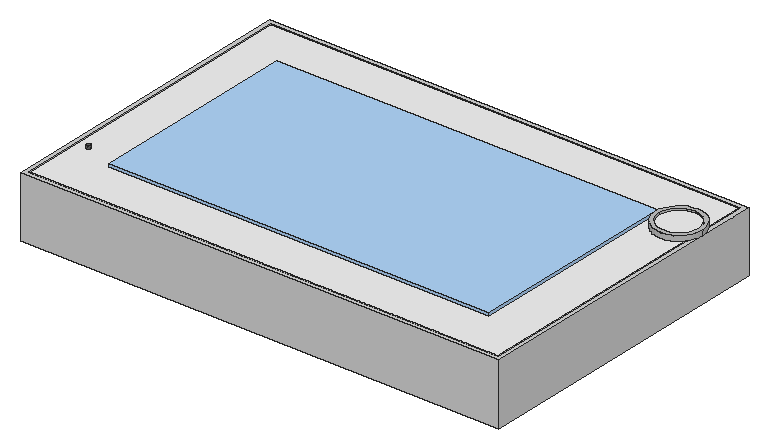
Revit family "AZ-07LLF", category Устройства связи, Revit 2020
Family settings
  Сохранять ориентацию аннотаций = Нет
  Размер круглого соединителя = Использовать диаметр
  Тип детали = Нормальный
  На основе рабочей плоскости = Да
  Всегда вертикально = Нет
  При загрузке вырезать с полостями = Нет
  Общий = Да
  Точка расчета площади = Нет
Parameters (values of type "AZ-07LLF")
  Цветовое решение = "черный/серый"
  Количество многоквартирных панелей = "до 9 панелей"
  Тип установки = "настенное крепление"
  Разрешение экрана = "800 х 480"
  Обновление ПО = "из веб-интерфейса; С сервера обновлений BAS-IP"
  Дополнительные разъемы = "слот для карты SD (SDHC)"
  Количество отдельных панелей = "до 9 панелей"
  Размеры = "195х127х27 мм"
  Тихий режим = "да, настраивается по времени"
  Питание = "PoE и +12 В постоянного тока (блок питания не входит в комплект)"
  Выберите тип скринсейвера в режиме ожидания = "просмотр одной IP-камеры в реальном времени"
  Потребляемая мощность = "6 Вт, в режиме ожидания 2,5 Вт"
  Default Elevation = 0 mm
  Описание = "7 дюймовый IP видеодомофон с настенным горизонтальным и вертикальным монтажом, возможностью управления лифтом, выводом сообщений от управляющей компании, PoE, подключением 8 камер, памятью для фото/видео и автоответчиком. ОС — Linux."
  Количество IP-камер = "до 8 камер"
  Корпус = "пластик"
  Варианты монтажа = "горизонтальный и вертикальный"
  Поддержка получения сообщений = "да"
  Встроенная камера = "нет"
  Интерфейс = "многоязычный графический и веб-интерфейс"
  Изображение типоразмера = <Нет>
  Изготовитель = "BAS-IP"
  Сетевое подключение = "провод Ethernet UTP"
  Экран = "7-дюймовый TFT LCD (емкостный сенсорный экран)"
  Группа модели = "Внутренний монитор индивидуальный"
  Подключение дополнительных мониторов = "до 8 мониторов"
  Функция памяти = "запись фото во внутреннюю память (64 фото)"
  URL = "https://www.bas-ip.ru"
  Тип домофона = "видеодомофон, без встроенной камеры"
  Не беспокоить = "да, настраивается по времени"
  Email разработчика семейства = "lytvynchukartur@gmail.com"
  BIM library = "https://bimlib.ru/manufacturer/"
  ADSK_Размер_Ширина = 195 mm
  ADSK_Размер_Толщина = 27 mm
  ADSK_Размер_Длина = 127 mm
  ADSK_Примечание = ""
  ADSK_Полная мощность = 2.5 VA  # constant formula
  ADSK_Позиция = ""
  ADSK_Обозначение = ""
  ADSK_Номинальная мощность = 2.5 W
  ADSK_Напряжение = 12 V
  ADSK_Наименование краткое = "AZ-07LLF"
  ADSK_Наименование = "Внутренний монитор индивидуальный AZ-07LLF"
  ADSK_Масса_Текст = ""
  ADSK_Марка = "AZ-07LLF"
  ADSK_Коэффициент мощности = 0.9
  ADSK_Количество фаз = 1
  ADSK_Код изделия = ""
  ADSK_Классификация нагрузок = Внутренний монитор индивидуальный
  ADSK_Зона = ""
  ADSK_Завод-изготовитель = "BAS-IP"
  ADSK_Единица измерения = "шт"
  ADSK_Версия Revit = "Revit 2020"  # constant formula
  ADSK_URL страницы изделия = "https://bas-ip.com/hardware/az-07ll/"
  ADSK_URL документации изделия = "https://drive.google.com/file/d/1EoMXGMEI3heXpYCroCYObuaJevvtuXnp/view"
Reference planes
  plane 1 "По центру (Вперед/Назад)": y = 0
  plane 2: z = 0
  plane 3 "По центру (Влево/Вправо)": x = 0
Forms (mm)
  Extrusion 1, solid, material "Материал белый", detail levels medium+fine
    sketch origin (294.897, 48.335, -2.742) x (1, 0, 0) y (0, 1, 0)
      loop
        line (-390.397, 13.165) -> (-390.397, -109.835) -> (-199.397, -109.835) -> (-199.397, 13.165) -> (-390.397, 13.165)
    from 2.742 to 27.742
  Extrusion 2, solid, material "Материал светло-голубой", detail levels medium+fine
    sketch origin (-20.406, -78.476, 25) x (1, 0, 0) y (0, 1, 0)
      loop
        line (97.406, 35.476) -> (97.406, 121.476) -> (-57.594, 121.476) -> (-57.594, 35.476) -> (97.406, 35.476)
    from 0 to 1
  Extrusion 3, solid, material "Материал черный", detail levels medium+fine
    sketch origin (-245.429, -211.502, 80) x (1, 0, 0) y (0, 1, 0)
      loop
        circle (154.883, 174.133) r 0.797
    from -55 to -54
  Extrusion 4, solid, material "Материал бело-серый", detail levels medium+fine
    sketch origin (294.897, -96.665, -2.742) x (1, 0, 0) y (0, 1, 0)
      loop
        line (-197.397, 33.165) -> (-197.397, 160.165) -> (-392.397, 160.165) -> (-392.397, 33.165) -> (-197.397, 33.165)
      loop
        line (-390.397, 158.165) -> (-390.397, 35.165) -> (-199.397, 35.165) -> (-199.397, 158.165) -> (-390.397, 158.165)
    from 2.742 to 27.742
  Extrusion 5, solid, material "Материал белый", detail levels medium+fine
    sketch origin (-248.145, -311.99, 80) x (1, 0, 0) y (0, 1, 0)
      loop
        circle (335.948, 352.25) r 8
    from -55 to -53.5
  Extrusion 6, solid, material "Материал светло-серый", detail levels medium+fine
    sketch origin (-238.145, -311.99, 80) x (1, 0, 0) y (0, 1, 0)
      loop
        circle (325.948, 352.25) r 9.697
      loop
        circle (325.948, 352.25) r 8
    from -55 to -53
Dimensions and locks
  Extrusion 1 sketch curve to Extrusion 1 sketch curve = 191 mm
  aligned and locked: level to plane 2
Connectors
  electrical at (0, 0, 0)
    settings: on Extrusion 1, index 5, voltage 0 V, apparent load 0 VA, apparent load phase1 0 VA, apparent load phase2 0 VA, apparent load phase3 0 VA, power factor 1, load classification "Прочее", number of poles 1, system type 13, power factor state 1, is connector primary yes, connector utility no, sub classification motor no, connector description "Должны быть подведены провода для подключения замка и дополнительных модулей"
  electrical at (7.231, 0.308, 0)
    settings: on Extrusion 1, index 10, voltage 12 V, apparent load 3 VA, apparent load phase1 0 VA, apparent load phase2 0 VA, apparent load phase3 0 VA, power factor 0.9, load classification "Внутренний монитор индивидуальный", number of poles 1, system type 30, power factor state 1, is connector primary no, connector utility no, sub classification motor no, connector description "Блок питания на +12 Вольт, 2 Ампера"
  electrical at (-7.769, 0.308, 0)
    settings: on Extrusion 1, index 13, voltage 0 V, apparent load 0 VA, apparent load phase1 0 VA, apparent load phase2 0 VA, apparent load phase3 0 VA, power factor 1, load classification "Прочее", number of poles 1, system type 5, power factor state 1, is connector primary no, connector utility no, sub classification motor no, connector description "Кабель Ethernet UTP cat5 или выше"
